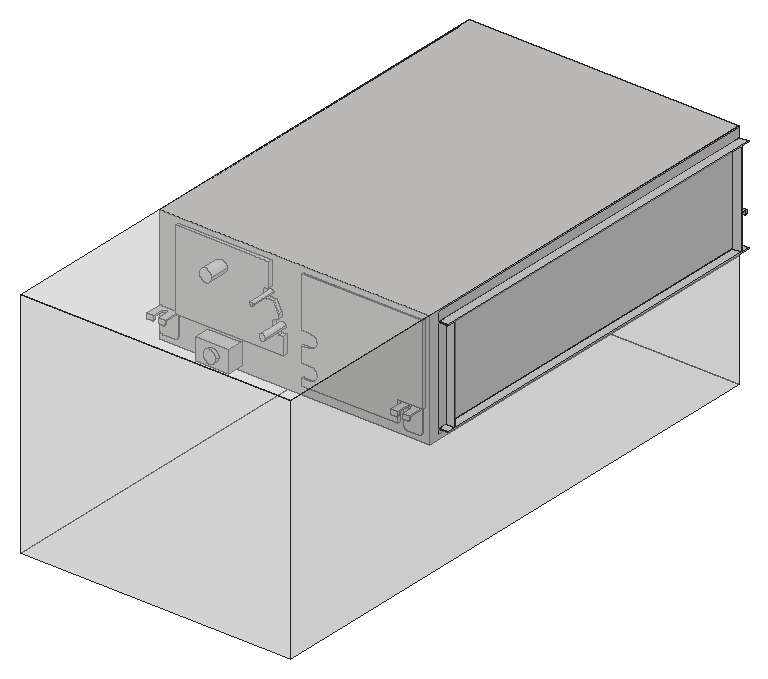
Revit family "outputfile", category 機械設備, Revit 2024
Family settings
  丸型コネクタ寸法 = 半径を使用
  パーツ タイプ = 標準
  OmniClass 番号 = 23.75.10.24.21.27.27
  OmniClass タイトル = Split System Air Conditioning Units
  作業面ベース = いいえ
  常に垂直 = はい
  ロード時にボイドで切り取り = いいえ
  注釈の向きを維持 = いいえ
  共有 = いいえ
  部屋計算ポイント = はい
Parameters (values of type "FXMQ63ARV1")
  製造元 = "Daikin"
  書き出し IFC クラス(タイプ) = "IfcUnitaryEquipmentType"
  定義済み IFC タイプ(タイプ) = "AIRCONDITIONINGUNIT"
  モデル = "FXMQ63ARV1"
  r_Liquid Pipe Size = Liquid Pipe Size / 2  # 4.75 mm
  r_Gas Pipe Size = Gas Pipe Size / 2  # 7.95 mm
  r_Drain Pipe Size = Drain Pipe Size / 2  # 16.0 mm
  lw_power = 396.0 mm  # constant formula
  lh_SA = 165.0 mm  # constant formula
  lw_SA = if(Depth = 550.0 mm, 210.0 mm, if(Depth = 700.0 mm, 285.0 mm, if(Depth = 1000.0 mm, 435.0 mm, 635.0 mm)))  # 435.0 mm
  lw_RA = if(Depth = 550.0 mm, 288.0 mm, if(Depth = 700.0 mm, 363.0 mm, if(Depth = 1000.0 mm, 513.0 mm, 713.0 mm)))  # 513.0 mm
  lh_power = 60.0 mm + [h***]  # 60.0 mm
  lh_mountinghole1 = lh_mountinghole + [h***]  # 80.0 mm
  lh_RA = 150.0 mm  # constant formula
  ld_power = Depth / 2  # 500.0 mm
  Voltage_comment_60Hz = "220-240"
  Voltage_comment_50Hz = "220-240"
  Voltage_60Hz = 220 V
  Voltage_50Hz = 220 V
  Supply Air Direction [instance] = yes
  Phase_60Hz = 1
  Phase_50Hz = 1
  Minimum Circuit Amps_60Hz = 1.3 A
  Minimum Circuit Amps_50Hz = 1.0 A
  Maximum Fuse Amps_60Hz = 15.0 A
  Maximum Fuse Amps_50Hz = 15.0 A
  Maximum External Static Pressure = 50.00 Pa
  Material_Casing = DAIKIN_GalvanizedSteel_Casing_indoorunit
  lw_mountinghole = 631.0 mm  # constant formula
  lh_gaspipe = 144.0 mm + [h***]  # 144.0 mm
  lh_mountinghole = 80.0 mm  # constant formula
  lh_liquidpipe = 212.0 mm + [h***]  # 212.0 mm
  lh_drainpipe = 232.0 mm + [h***]  # 232.0 mm
  lh_antena = Height - lh_mountinghole + 1.0 mm  # 221.0 mm
  ld_drainpipe = Depth / 2 + 59.0 mm  # 559.0 mm
  ld_liquidpipe = 565.0 mm
  ld_gaspipe = 565.0 mm
  ld_mountinghole = Depth + 38.0 mm  # 1038.0 mm
  h*** = 0.0 mm  # constant formula
  lw_liquidpipe = 290.0 mm  # constant formula
  lw_gaspipe = 318.0 mm  # constant formula
  lw_drainpipe = 167.0 mm  # constant formula
  Width = 700.0 mm
  Version = "ver.1.0"
  Unit Type = "Duct_M.S.P."
  Unit Mass Weight = 35.00 kg
  Unit Designation [instance] = ""
  Uniclass2015Version = "Products v1.30"
  Uniclass2015Title = "Variable refrigerant flow units"
  Uniclass2015Code = "Pr_70_65_03_94"
  Total Heating Capacity [instance] = 0.000 kW
  Total Cooling Capacity [instance] = 0.000 kW
  Sound Pressure Level_L speed (dBA) = 40
  Sound Pressure Level_H speed (dBA) = 42
  Series = "VRV Fan Coil Unit"
  Sensible Cooling Capacity [instance] = 0.000 kW
  SA Duct Size Width = if(Depth = 550.0 mm, 310.0 mm, if(Depth = 700.0 mm, 460.0 mm, if(Depth = 1000.0 mm, 760.0 mm, 1160.0 mm)))  # 760.0 mm
  SA Duct Size Height = 215.0 mm
  Refrigerant Type = "R410A"
  RA Duct Size Width = if(Depth = 550.0 mm, 475.0 mm, if(Depth = 700.0 mm, 625.0 mm, if(Depth = 1000.0 mm, 925.0 mm, 1325.0 mm)))  # 925.0 mm
  RA Duct Size Height = 247.0 mm
  Power Input (Heating) = 0.185 kW
  Power Input (Cooling) = 0.185 kW
  Option Accessory 3 [instance] = ""
  Option Accessory 2 [instance] = ""
  Option Accessory 1 [instance] = ""
  Nominal Heating Capacity = 7.100 kW
  Nominal Cooling Capacity = 7.100 kW
  Minimum Airflow = 1200.00 m³/h
  Median Airflow = 0.00 m³/h
  Maximum Airflow = 1440.00 m³/h
  Load Classification = HVAC
  Liquid Pipe Size = 9.5 mm
  Link_Nested Family [instance] = ""
  IfcVersion = ""
  IfcExportType = "AIRCONDITIONINGUNIT"
  IfcExportAs = "IfcUnitaryEquipmentType"
  Height = 300.0 mm
  Heating Entering Wet Bulb Temperature [instance] = 0.00 °C
  Heating Entering Dry Bulb Temperature [instance] = 0.00 °C
  Heating Ambient Wet Bulb Temperature [instance] = 0.00 °C
  Heating Ambient Dry Bulb Temperature [instance] = 0.00 °C
  Heat Exchanger Type = "Cross Fin Coil"
  Gas Pipe Size = 15.9 mm
  Frequency_60Hz = 60 Hz
  Frequency_50Hz = 50 Hz
  Fan Type = "Sirocco Fan"
  Fan Drive = "Direct Drive"
  FCU Tag No. [instance] = ""
  Drain Pipe Size = 32.0 mm
  Design Supply Airflow [instance] = 0.00 m³/h
  Design Return Airflow [instance] = 0.00 m³/h
  Design External Static Pressure [instance] = 0.00 Pa
  Depth = 1000.0 mm
  既定の高さ = 0.0 mm
  Cooling Entering Wet Bulb Temperature [instance] = 0.00 °C
  Cooling Entering Dry Bulb Temperature [instance] = 0.00 °C
  Cooling Ambient Wet Bulb Temperature [instance] = 0.00 °C
  Cooling Ambient Dry Bulb Temperature [instance] = 0.00 °C
  Clearance visibility [instance] = yes
  Clearance Top = 0.0 mm
  Clearance Right = 0.0 mm
  Clearance Rear = 0.0 mm
  Clearance Left = 0.0 mm
  Clearance Front = 450.0 mm
  Clearance Bottom = 300.0 mm
Reference planes
  plane 1 "Center (Front/Back)": y = 0
  plane 2 "h": z = 0
  plane 3 "Center (Left/Right)": x = 0
  plane 4 "Back": y = 500
  plane 5 "Front": y = -500
  plane 6 "Left": x = -350
  plane 7 "Reight": x = 350
  plane 8 "Top": z = 0
  plane 9 "Bottom": z = -300
  plane 10: y = -215
  plane 11: y = 500
  plane 12: y = -950
  plane 13: x = -350
  plane 14: x = 350
  plane 15: z = 0
  plane 16: z = -600
  plane 17: x = -350
  plane 18: z = -135
  plane 19: x = -349
  plane 20: x = 349
  plane 21: y = 65
  plane 22: y = 13
  plane 23: z = -150
  plane 24: y = -510.8
  plane 25: z = -14
  plane 26: z = -219
  plane 27: x = -60
  plane 28: x = -20
  plane 29: z = -156
  plane 30: x = -32
  plane 31: z = -88
  plane 32: x = 23
  plane 33: x = 335
  plane 34: z = -15.8
  plane 35: z = -274.8
  plane 36: z = -219.8
  plane 37: x = 271
  plane 38: x = -223.3
  plane 39: x = -138.3
  plane 40: z = -232.7
  plane 41: z = -288.5
  plane 42: y = -541
  plane 43: x = -181
  plane 44: z = -260
  plane 45: y = -549
  plane 46: z = -163.8
  plane 47: z = -239.8
  plane 48: x = 46
  plane 49: z = -88
  plane 50: x = -60
  plane 51: y = -565
  plane 52: z = -156
  plane 53: x = -32
  plane 54: y = -559
  plane 55: z = -68
  plane 56: x = -183
  plane 57: x = -183
  plane 58: x = -60
  plane 59: x = -32
  plane 60: x = 46
  plane 61: x = -323
  plane 62: x = 308
  plane 63: y = -519
  plane 64: y = 519
  plane 65: z = -220
  plane 66: y = -506
  plane 67: x = -298.5
  plane 68: x = -374
  plane 69: x = 374
Forms (mm)
  Extrusion 1, solid, material "DAIKIN_GalvanizedSteel_Casing_indoorunit" <- "Material_Casing"
    sketch origin (0, 0, 0) x (1, 0, 0) y (0, 1, 0)
      loop
        line (-349, 500) -> (-349, -500) -> (349, -500) -> (349, 500) -> (-349, 500)
    from -300 to 0
  Extrusion 2, solid, material "DAIKIN_GalvanizedSteel_Casing_indoorunit" <- "Material_Casing"
    sketch origin (0, 0, 0) x (1, 0, 0) y (0, 0, 1)
      loop
        line (-298.5, -219) -> (-20, -219) -> (-20, -173.5) -> (-32, -173.5)
        arc (-32, -173.5) -> (-49.471, -157.002) -> (-34, -138.615) r 17.5
        line (-34, -138.615) -> (-34, -127.5) -> (-47, -101) -> (-60, -101)
        arc (-60, -101) -> (-73, -88) -> (-60, -75) r 13
        line (-60, -75) -> (-60, -14) -> (-298.5, -14) -> (-298.5, -219)
    from 500 to 510.8
  Extrusion 3, solid, material "DAIKIN_GalvanizedSteel_Casing_indoorunit" <- "Material_Casing"
    sketch origin (0, 0, 0) x (1, 0, 0) y (0, 0, 1)
      loop
        line (23, -274.8) -> (271, -274.8) -> (271, -219.8) -> (335, -219.8) -> (335, -15.8) -> (23, -15.8) -> (23, -146.3) -> (46, -146.3)
        arc (46, -146.3) -> (63.5, -163.8) -> (46, -181.3) r 17.5
        line (46, -181.3) -> (23, -181.3) -> (23, -222.3) -> (46, -222.3)
        arc (46, -222.3) -> (63.5, -239.8) -> (46, -257.3) r 17.5
        line (46, -257.3) -> (23, -257.3) -> (23, -274.8)
    from 500 to 506
  Extrusion 4, solid, material "DAIKIN_GalvanizedSteel_Casing_indoorunit" <- "Material_Casing"
    sketch origin (0, 0, 0) x (1, 0, 0) y (0, 0, 1)
      loop
        line (-223.3, -232.7) -> (-223.3, -288.5) -> (-138.3, -288.5) -> (-138.3, -232.7) -> (-223.3, -232.7)
    from 500 to 541
  Extrusion 5, solid, material "DAIKIN_GalvanizedSteel_Casing_indoorunit" <- "Material_Casing"
    sketch origin (0, 0, 0) x (1, 0, 0) y (0, 0, 1)
      loop
        circle (-181, -260) r 16.5
    from 541 to 549
  Extrusion 6, solid
    sketch origin (0, 0, 0) x (1, 0, 0) y (0, 0, 1)
      loop
        circle (-60, -88) r 4.75
    from 500 to 565
  Extrusion 7, solid
    sketch origin (0, 0, 0) x (1, 0, 0) y (0, 0, 1)
      loop
        circle (-32, -156) r 7.95
    from 500 to 565
  Extrusion 8, solid
    sketch origin (0, 0, 0) x (1, 0, 0) y (0, 0, 1)
      loop
        circle (-183, -68) r 16
    from 510.8 to 559
Dimensions and locks
  "Height": plane 8 "Top" to plane 9 "Bottom"
  equal spacing: plane 4 "Back", plane 1 "Center (Front/Back)", plane 5 "Front"
  "Depth": plane 4 "Back" to plane 5 "Front"
  equal spacing: plane 6 "Left", plane 3 "Center (Left/Right)", plane 7 "Reight"
  "Width": plane 6 "Left" to plane 7 "Reight"
  "Clearance Left": plane 13 to plane 6 "Left"
  "Clearance Right": plane 7 "Reight" to plane 14
  "Clearance Rear": plane 11 to plane 4 "Back"
  "Clearance Front": plane 5 "Front" to plane 12
  "Clearance Top": plane 15 to plane 8 "Top"
  "Clearance Bottom": plane 9 "Bottom" to plane 16
  "lh_SA": plane 18 to plane 9 "Bottom"
  locked: plane 17 to plane 19 at 1
  "lw_SA": plane 4 "Back" to plane 21
  "lw_RA": plane 22 to plane 5 "Front"
  "lh_RA": plane 23 to plane 9 "Bottom"
  locked: plane 5 "Front" to plane 24 at 10.8
  plane 30 to plane 27 to plane 6 "Left" = 28.0 mm locked, 290.0 mm locked
  plane 33 to plane 32 to plane 6 "Left" = 312.0 mm locked, 373.0 mm locked
  locked: plane 33 to plane 37 at 64
  locked: plane 36 to plane 35 at 55
  plane 39 to plane 38 to plane 6 "Left" = 85.0 mm locked, 126.7 mm locked
  locked: plane 5 "Front" to plane 42 at 41
  locked: plane 43 to plane 6 "Left" at 169
  locked: plane 42 to plane 45 at 8
  plane 46 to plane 47 to plane 35 = 76.0 mm locked, 35.0 mm locked
  locked: plane 48 to plane 32 at 23
  "lw_liquidpipe": plane 50 to plane 6 "Left"
  "lh_liquidpipe": plane 49 to plane 9 "Bottom"
  "lh_gaspipe": plane 52 to plane 9 "Bottom"
  "lw_gaspipe": plane 53 to plane 6 "Left"
  "ld_gaspipe": plane 51 to plane 1 "Center (Front/Back)"
  "ld_drainpipe": plane 54 to plane 1 "Center (Front/Back)"
  "lh_drainpipe": plane 55 to plane 9 "Bottom"
  "lw_drainpipe": plane 56 to plane 6 "Left"
  "lw_drainpipe": plane 6 "Left" to plane 57
  "lw_liquidpipe": plane 6 "Left" to plane 58
  "lw_gaspipe": plane 6 "Left" to plane 59
  "lw_power": plane 6 "Left" to plane 60
  plane 17 to plane 61 = 27.0 mm
  "lw_mountinghole": plane 61 to plane 62
  equal spacing: plane 63, plane 1 "Center (Front/Back)", plane 64
  "ld_mountinghole": plane 64 to plane 63
  "lh_mountinghole": plane 65 to plane 9 "Bottom"
  plane 8 "Top" to plane 40 to plane 41 = 232.7 mm locked, 55.8 mm locked
  locked: plane 8 "Top" to plane 44 at 260
  plane 8 "Top" to plane 25 to plane 26 = 14.0 mm locked, 205.0 mm locked
  plane 8 "Top" to plane 31 to plane 29 = 88.0 mm locked, 68.0 mm locked
  plane 8 "Top" to plane 34 to plane 35 = 15.8 mm locked, 259.0 mm locked
  locked: plane 5 "Front" to plane 66 at 6
  locked: plane 68 to plane 6 "Left" at 24
  locked: plane 7 "Reight" to plane 69 at 24
  locked: plane 67 to plane 13 at 51.5
  locked: plane 28 to plane 30 at 12
  locked: Extrusion 2 sketch curve to plane 27 at 26
  plane 5 "Front" to plane 51 = 65.0 mm
  plane 5 "Front" to plane 54 = 59.0 mm
  locked: plane 20 to plane 7 "Reight" at 1
  "r_Liquid Pipe Size": radius of Extrusion 6 sketch curve
  "r_Gas Pipe Size": radius of Extrusion 7 sketch curve
  "r_Drain Pipe Size": radius of Extrusion 8 sketch curve
  aligned and locked: level to plane 2 "h"
  aligned and locked: plane 8 "Top" to Extrusion 1
  aligned and locked: Extrusion 1 to plane 9 "Bottom"
  aligned and locked: nested 5 to plane 12
  aligned and locked: plane 13 to nested 5
  aligned and locked: plane 14 to nested 5
  aligned and locked: nested 5 to plane 13
  aligned and locked: plane 11 to nested 5
  aligned and locked: plane 15 to nested 5
  aligned and locked: plane 16 to nested 5
  aligned and locked: plane 5 "Front" to Extrusion 1 sketch curve
  aligned and locked: Extrusion 1 to plane 19
  aligned and locked: plane 20 to Extrusion 1
  aligned and locked: nested 7 to plane 19
  aligned and locked: nested 7 to plane 21
  aligned and locked: plane 18 to nested 7
  aligned and locked: plane 20 to nested 8
  aligned and locked: plane 22 to nested 8
  aligned and locked: plane 23 to nested 8
  aligned and locked: Extrusion 2 to plane 24
  aligned and locked: plane 5 "Front" to Extrusion 2
  aligned and locked: plane 35 to Extrusion 3 sketch curve
  aligned and locked: plane 37 to Extrusion 3 sketch curve
  aligned and locked: plane 36 to Extrusion 3 sketch curve
  aligned and locked: Extrusion 3 sketch curve to plane 33
  aligned and locked: Extrusion 3 sketch curve to plane 34
  aligned and locked: Extrusion 3 sketch curve to plane 32
  aligned and locked: plane 5 "Front" to Extrusion 3
  aligned and locked: Extrusion 4 sketch curve to plane 40
  aligned and locked: Extrusion 4 sketch curve to plane 38
  aligned and locked: plane 41 to Extrusion 4 sketch curve
  aligned and locked: plane 39 to Extrusion 4 sketch curve
  aligned and locked: Extrusion 4 to plane 42
  aligned and locked: plane 5 "Front" to Extrusion 4
  aligned and locked: Extrusion 5 sketch curve to plane 43
  aligned and locked: plane 44 to Extrusion 5 sketch curve
  aligned and locked: Extrusion 5 to plane 45
  aligned and locked: plane 42 to Extrusion 5
  aligned and locked: Extrusion 6 sketch curve to plane 50
  aligned and locked: plane 49 to Extrusion 6 sketch curve
  aligned and locked: Extrusion 6 to plane 51
  aligned and locked: plane 5 "Front" to Extrusion 6
  aligned and locked: Extrusion 7 sketch curve to plane 53
  aligned and locked: plane 52 to Extrusion 7 sketch curve
  aligned and locked: Extrusion 7 to Extrusion 6
  aligned and locked: plane 5 "Front" to Extrusion 7
  aligned and locked: Extrusion 8 sketch curve to plane 56
  aligned and locked: Extrusion 8 sketch curve to plane 55
  aligned and locked: Extrusion 8 to plane 54
  aligned and locked: plane 24 to Extrusion 8
  aligned and locked: nested 3 to plane 54
  aligned and locked: plane 57 to nested 3
  aligned and locked: plane 58 to nested 2
  aligned and locked: nested 2 to plane 51
  aligned and locked: nested 1 to plane 59
  aligned and locked: Extrusion 7 to plane 51
  aligned and locked: nested 1 to plane 51
  aligned and locked: nested 6 to plane 5 "Front"
  aligned and locked: nested 6 to plane 60
  aligned and locked: plane 61 to nested 10
  aligned and locked: nested 10 to plane 5 "Front"
  aligned and locked: plane 62 to nested 9
  aligned and locked: nested 9 to plane 5 "Front"
  aligned and locked: nested 11 to plane 61
  aligned and locked: plane 4 "Back" to nested 11
  aligned and locked: nested 12 to plane 62
  aligned and locked: plane 4 "Back" to nested 12
  aligned and locked: plane 65 to nested 10
  aligned and locked: plane 65 to nested 11
  aligned and locked: plane 65 to nested 9
  aligned and locked: plane 65 to nested 12
  aligned and locked: plane 61 to nested 14
  aligned and locked: nested 14 to plane 64
  aligned and locked: plane 62 to nested 13
  aligned and locked: nested 13 to plane 64
  aligned and locked: plane 62 to nested 16
  aligned and locked: plane 63 to nested 16
  aligned and locked: plane 63 to nested 15
  aligned and locked: plane 61 to nested 15
  aligned and locked: Extrusion 3 to plane 66
  aligned and locked: plane 67 to Extrusion 2 sketch curve
  aligned and locked: nested 17 to plane 21
  aligned and locked: nested 17 to plane 68
  aligned and locked: plane 18 to nested 17
  aligned and locked: plane 22 to nested 18
  aligned and locked: plane 69 to nested 18
  aligned and locked: nested 18 to plane 23
  aligned and locked: nested 4 to plane 3 "Center (Left/Right)"
  aligned and locked: plane 1 "Center (Front/Back)" to nested 4
  aligned and locked: level to plane 8 "Top"
  aligned and locked: Extrusion 2 sketch curve to plane 28
  aligned and locked: Extrusion 2 sketch curve to plane 26
Automatic sketch dimensions
  plane 6 "Left" to Extrusion 1 sketch curve = 1.0 mm
  Extrusion 1 sketch curve to plane 7 "Reight" = 1.0 mm
  Extrusion 1 sketch curve to plane 4 "Back" = 0.0 mm
  Extrusion 3 sketch curve to plane 32 = 0.0 mm  (x2)
  Extrusion 3 sketch curve to plane 46 = 0.0 mm
  Extrusion 3 sketch curve to plane 48 = 0.0 mm  (x2)
  Extrusion 3 sketch curve to plane 47 = 0.0 mm
  Extrusion 3 sketch curve to plane 36 = 2.5 mm
  plane 23 to Extrusion 3 sketch curve = 3.7 mm
  Extrusion 2 sketch curve to plane 25 = 0.0 mm
  plane 27 to Extrusion 2 sketch curve = 0.0 mm
  Extrusion 2 sketch curve to plane 30 = 0.0 mm
  Extrusion 2 sketch curve to plane 29 = 0.0 mm
  Extrusion 2 sketch curve to plane 31 = 0.0 mm
  Extrusion 2 sketch curve to Extrusion 2 sketch curve = 13.0 mm
  Extrusion 2 sketch curve to plane 29 = 17.5 mm
  Extrusion 2 sketch curve to plane 31 = 13.0 mm
  plane 18 to Extrusion 2 sketch curve = 7.5 mm
  radius of Extrusion 5 sketch curve = 16.5 mm
Nested families
  nested 1: "daikin_connector_rotate2" at (-32, 0, -156), length <- "ld_gaspipe", built-in parameter 1001364 <- "lh_gaspipe", radius <- "r_Gas Pipe Size", type "daikin_connector_rotate2"
    with radius 7.95 mm, length 565.0 mm, angle_vertical 90.00°
  nested 2: "daikin_connector_rotate2" at (-60, 0, -88), length <- "ld_liquidpipe", built-in parameter 1001364 <- "lh_liquidpipe", radius <- "r_Liquid Pipe Size", type "daikin_connector_rotate2"
    with radius 4.75 mm, length 565.0 mm, angle_vertical 90.00°
  nested 3: "daikin_connector_rotate2" at (-183, 0, -68), length <- "ld_drainpipe", built-in parameter 1001364 <- "lh_drainpipe", radius <- "r_Drain Pipe Size", type "daikin_connector_rotate2"
    with radius 16.0 mm, length 559.0 mm, angle_vertical 90.00°
  nested 4: "daikin_△_symbolicline" at (0, 0, 300) x (0, -1, 0) z (0, 0, 1), built-in parameter 1001364 <- "Height", visible <- "Supply Air Direction", type "daikin_△_symbolicline"
    with length 200.0 mm
  nested 5: "daikin_clearancespace" at (0, -225, -299.881), visible <- "Clearance visibility", show <- "Clearance visibility", Link_Nested Family <- "Link_Nested Family", type "daikin_clearancespace"
    with width 700.0 mm, show yes, height 600.0 mm, depth 1450.0 mm, Link_Nested Family ""
  nested 6: "daikin_connector_rotate2" at (46, 0, -240), built-in parameter 1001364 <- "lh_power", length <- "ld_power", type "daikin_connector_rotate2"
    with radius 10.0 mm, length 500.0 mm, angle_vertical 90.00°
  nested 7: "daikin_ductflange_FXMQ-ARV1_2" at (-349, 65, -135) x (0, -1, 0) z (0, 0, 1), type "daikin_ductflange_FXMQ-ARV1_2"
    with width 760.0 mm, w 1000.0 mm
  nested 8: "daikin_ductflange_FXMQ-ARV1_1" at (349, 13, -150) x (0, 1, 0) z (0, 0, 1), type "daikin_ductflange_FXMQ-ARV1_1"
    with width 925.0 mm, w 1000.0 mm
  nested 9: "daikin_hangerfixture_FXMQ-ARV1" at (308, -500, -220), type "daikin_hangerfixture_FXMQ-ARV1"
  nested 10: "daikin_hangerfixture_FXMQ-ARV1" at (-323, -500, -220), type "daikin_hangerfixture_FXMQ-ARV1"
  nested 11: "daikin_hangerfixture_FXMQ-ARV1" at (-323, 500, -220) x (-1, 0, 0) z (0, 0, 1), type "daikin_hangerfixture_FXMQ-ARV1"
  nested 12: "daikin_hangerfixture_FXMQ-ARV1" at (308, 500, -220) x (-1, 0, 0) z (0, 0, 1), type "daikin_hangerfixture_FXMQ-ARV1"
  nested 13: "daikin_mountinghole" at (308, 519, -300), h_mountinghole <- "lh_mountinghole1", l_antenna <- "lh_antena", Link_Nested Family <- "Link_Nested Family", type "daikin_mountinghole"
    with show yes, l_antenna 221.0 mm, h_mountinghole 80.0 mm, Link_Nested Family ""
  nested 14: "daikin_mountinghole" at (-323, 519, -300), h_mountinghole <- "lh_mountinghole1", l_antenna <- "lh_antena", Link_Nested Family <- "Link_Nested Family", type "daikin_mountinghole"
    with show yes, l_antenna 221.0 mm, h_mountinghole 80.0 mm, Link_Nested Family ""
  nested 15: "daikin_mountinghole" at (-323, -519, -300), h_mountinghole <- "lh_mountinghole1", l_antenna <- "lh_antena", Link_Nested Family <- "Link_Nested Family", type "daikin_mountinghole"
    with show yes, l_antenna 221.0 mm, h_mountinghole 80.0 mm, Link_Nested Family ""
  nested 16: "daikin_mountinghole" at (308, -519, -300), h_mountinghole <- "lh_mountinghole1", l_antenna <- "lh_antena", Link_Nested Family <- "Link_Nested Family", type "daikin_mountinghole"
    with show yes, l_antenna 221.0 mm, h_mountinghole 80.0 mm, Link_Nested Family ""
  nested 17: "daikin_connector_rotate2" at (-350, 65, -135) x (0, -1, 0) z (0, 0, 1), type "daikin_connector_rotate2"
    with radius 10.0 mm, length 24.0 mm, angle_vertical 90.00°
  nested 18: "daikin_connector_rotate2" at (350, 13, -150) x (0, 1, 0) z (0, 0, 1), type "daikin_connector_rotate2"
    with radius 10.0 mm, length 24.0 mm, angle_vertical 90.00°
Connectors
  piping at (-183, -559, -68), diameter 32, driven by "r_Drain Pipe Size"
    settings: on nested 3, index 3, connector inside diameter 609.6 mm, connector length 0.0 mm, flow factor 0, pipe flow 0.00 m³/h, pressure drop 0.0 Pa, fitting loss kfactor 0, connector angle 0.00°, fixture units 0, engagement length 0.0 mm, angle of deflection 0.00°, flow configuration 1, flow direction 2, fitting loss method 4, system type 16, joint type 0, gender type 0, connector reference index -1, connector utility 0, adjustable connector no, is connector primary yes, connector description "Condensate Drain Piping"
  piping at (-32, -565, -156), diameter 15.9, driven by "r_Gas Pipe Size"
    settings: on nested 1, index 4, connector inside diameter 609.6 mm, connector length 0.0 mm, flow factor 0, pipe flow 0.00 m³/h, pressure drop 0.0 Pa, fitting loss kfactor 0, connector angle 0.00°, fixture units 0, engagement length 0.0 mm, angle of deflection 0.00°, flow configuration 1, flow direction 2, fitting loss method 0, system type 29, joint type 0, gender type 0, connector reference index -1, connector utility 0, adjustable connector no, is connector primary no, connector description "Refrigerant Gas Piping"
  piping at (-60, -565, -88), diameter 9.5, driven by "r_Liquid Pipe Size"
    settings: on nested 2, index 5, connector inside diameter 609.6 mm, connector length 0.0 mm, flow factor 0, pipe flow 0.00 m³/h, pressure drop 0.0 Pa, fitting loss kfactor 0, connector angle 0.00°, fixture units 0, engagement length 0.0 mm, angle of deflection 0.00°, flow configuration 1, flow direction 1, fitting loss method 0, system type 29, joint type 0, gender type 0, connector reference index -1, connector utility 0, adjustable connector no, is connector primary no, connector description "Refrigerant Liquid Piping"
  electrical at (46, -500, -240), driven by "Load Classification"
    settings: on nested 6, index 6, voltage 0 V, apparent load 0 VA, apparent load phase1 0 VA, apparent load phase2 0 VA, apparent load phase3 0 VA, power factor 1, load classification "HVAC", number of poles 1, system type 30, power factor state 1, is connector primary yes, connector utility no, sub classification motor no, connector description "Power Supply"
  hvac at (-374, 65, -135), driven by "SA Duct Size Height", driven by "SA Duct Size Width"
    settings: on nested 17, index 7, duct flow 0.00 m³/h, flow factor 0, pres drop 0.00 Pa, loss coef 0, conn angle 0.00°, conn width 760.0 mm, conn height 215.0 mm, conn diameter 609.6 mm, duct sys type 1, conn prof type 1, flow config 0, flow direction 2, loss method 4, conn ref index -1, conn util no, is conn primary yes, conn desc "SA Duct"
  hvac at (374, 13, -150), driven by "RA Duct Size Height", driven by "RA Duct Size Width"
    settings: on nested 18, index 8, duct flow 0.00 m³/h, flow factor 0, pres drop 0.00 Pa, loss coef 0, conn angle 0.00°, conn width 925.0 mm, conn height 247.0 mm, conn diameter 609.6 mm, duct sys type 2, conn prof type 1, flow config 0, flow direction 1, loss method 4, conn ref index -1, conn util no, is conn primary no, conn desc "RA Duct"
Definition of nested family "daikin_clearancespace"
  Parameters (values of type "daikin_clearancespace")
    Description = "daikin_clearancespace"
    width [instance] = 1823.963 mm
    show [instance] = yes
    material = none
    height [instance] = 1359.762 mm
    depth [instance] = 880.0 mm
    Default Elevation = 0.0 mm
    Link_Nested Family [instance] = ""
  Reference planes
    plane 1 "Center (Front/Back)": y = 0
    plane 2 "Center (Elevation)": z = -0.119
    plane 3 "Center (Left/Right)": x = 0
    plane 4: y = 440
    plane 5: y = -440
    plane 6 "Right": x = 911.982
    plane 7 "Left": x = -911.982
    plane 8 "Top": z = 679.762
    plane 9 "Bottom": z = -680
  Forms (mm)
    Extrusion 1, solid, material <- "material", visible <- "show"
      sketch origin (0, 0, 0) x (1, 0, 0) y (0, 1, 0)
        loop
          line (-911.982, 440) -> (-911.982, -440) -> (911.982, -440) -> (911.982, 440) -> (-911.982, 440)
      from -680 to 679.762
  Lines and regions (mm)
    symbolic lines, visible <- "show"
      curve 1: line (911.982, 440, 0) -> (-911.982, 440, 0)
      curve 2: line (-911.982, 440, 0) -> (-911.982, -440, 0)
      curve 3: line (-911.982, -440, 0) -> (911.982, -440, 0)
      curve 4: line (911.982, -440, 0) -> (911.982, 440, 0)
      curve 5: line (911.982, 0, 679.762) -> (-911.982, 0, 679.762)
      curve 6: line (911.982, 0, -680) -> (911.982, 0, 679.762)
      curve 7: line (-911.982, 0, -680) -> (911.982, 0, -680)
      curve 8: line (-911.982, 0, 679.762) -> (-911.982, 0, -680)
      curve 9: line (0, 440, 679.762) -> (0, -440, 679.762)
      curve 10: line (0, -440, 679.762) -> (0, -440, -680)
      curve 11: line (0, 440, -680) -> (0, 440, 679.762)
      curve 12: line (0, -440, -680) -> (0, 440, -680)
  Dimensions and locks
    "width": plane 7 "Left" to plane 6 "Right"
    "depth": plane 4 to plane 5
    "height": plane 8 "Top" to plane 9 "Bottom"
    equal spacing: plane 7 "Left", plane 3 "Center (Left/Right)", plane 6 "Right"
    equal spacing: plane 4, plane 1 "Center (Front/Back)", plane 5
    equal spacing: plane 8 "Top", plane 2 "Center (Elevation)", plane 9 "Bottom"
    aligned and locked: level to plane 2 "Center (Elevation)"
    aligned and locked: Extrusion 1 sketch curve to plane 4
    aligned and locked: plane 7 "Left" to Extrusion 1 sketch curve
    aligned and locked: Extrusion 1 sketch curve to plane 5
    aligned and locked: Extrusion 1 sketch curve to plane 6 "Right"
    aligned and locked: plane 8 "Top" to Extrusion 1
    aligned and locked: curve 1 to Extrusion 1
    aligned and locked: curve 2 to Extrusion 1
    aligned and locked: curve 3 to Extrusion 1
    aligned and locked: curve 4 to Extrusion 1
    aligned and locked: curve 5 to Extrusion 1
    aligned and locked: curve 6 to Extrusion 1
    aligned and locked: curve 7 to Extrusion 1
    aligned and locked: curve 8 to Extrusion 1
    aligned and locked: curve 9 to Extrusion 1
    aligned and locked: curve 10 to Extrusion 1
    aligned and locked: curve 11 to Extrusion 1
    aligned and locked: curve 12 to Extrusion 1
    aligned and locked: Extrusion 1 to plane 9 "Bottom"
Definition of nested family "daikin_ductflange_FXMQ-ARV1_2"
  Parameters (values of type "daikin_ductflange_FXDSQ-AVM2")
    width = if(w = 550.0 mm, 310.0 mm, if(w = 700.0 mm, 460.0 mm, if(w = 1000.0 mm, 760.0 mm, 1160.0 mm)))  # 310.0 mm
    material = none
    height = 215.0 mm
    depth = 1.0 mm
    w = 550.0 mm
    Default Elevation = 0.0 mm
  Reference planes
    plane 1 "Center (Front/Back)": y = 0
    plane 2: z = 0
    plane 3 "Center (Left/Right)": x = 0
    plane 4: z = 107.5
    plane 5: z = -107.5
    plane 6: y = -25
    plane 7: z = 132.5
    plane 8: z = 108.5
    plane 9: y = -1
    plane 10: x = -177.5
    plane 11: x = 177.5
    plane 12: z = -132.5
    plane 13: z = -108.5
    plane 14: y = -1
    plane 15: x = 155
    plane 16: x = -155
    plane 17: x = 156
    plane 18: z = 106.5
    plane 19: z = -106.5
    plane 20: x = -156
    plane 21: z = 106.5
    plane 22: z = -106.5
    plane 23: y = -1
  Forms (mm)
    Extrusion 1, solid, material <- "material"
      sketch origin (0, 0, 0) x (0, 1, 0) y (0, 0, 1)
        loop
          line (-25, 107.5) -> (0, 107.5) -> (0, 132.5) -> (-1, 132.5) -> (-1, 108.5) -> (-25, 108.5) -> (-25, 107.5)
      from -177.5 to 177.5
    Extrusion 2, solid, material <- "material"
      sketch origin (0, 0, 0) x (0, 1, 0) y (0, 0, 1)
        loop
          line (-25, -107.5) -> (-25, -108.5) -> (-1, -108.5) -> (-1, -132.5) -> (0, -132.5) -> (0, -107.5) -> (-25, -107.5)
      from -177.5 to 177.5
    Extrusion 3, solid, material <- "material"
      sketch origin (0, 0, 0) x (1, 0, 0) y (0, 0, 1)
        loop
          line (155, 107.5) -> (155, -107.5) -> (177.5, -107.5) -> (177.5, -106.5) -> (156, -106.5) -> (156, 106.5) -> (177.5, 106.5) -> (177.5, 107.5) -> (155, 107.5)
      from 0 to 25
    Extrusion 4, solid, material <- "material"
      sketch origin (0, 0, 0) x (1, 0, 0) y (0, 0, 1)
        loop
          line (-177.5, 107.5) -> (-177.5, 106.5) -> (-156, 106.5) -> (-156, -106.5) -> (-177.5, -106.5) -> (-177.5, -107.5) -> (-155, -107.5) -> (-155, 107.5) -> (-177.5, 107.5)
      from 0 to 25
    Extrusion 5, solid, material <- "material"
      sketch origin (0, 0, 0) x (1, 0, 0) y (0, 0, 1)
        loop
          line (-177.5, 107.5) -> (-177.5, -107.5) -> (-155, -107.5) -> (-155, 107.5) -> (-177.5, 107.5)
        loop
          line (177.5, 107.5) -> (155, 107.5) -> (155, -107.5) -> (177.5, -107.5) -> (177.5, 107.5)
      from 0 to 1
  Cuts and joins
    joined: Extrusion 1, Extrusion 2, Extrusion 3, Extrusion 4, Extrusion 5
  Dimensions and locks
    plane 4 to level to plane 5 = 107.5 mm locked, 107.5 mm locked
    locked: plane 6 to plane 1 "Center (Front/Back)" at 25
    locked: plane 9 to plane 1 "Center (Front/Back)" at 1
    locked: plane 8 to plane 4 at 1
    locked: plane 11 to plane 15 at 22.5
    locked: plane 16 to plane 10 at 22.5
    locked: plane 17 to plane 15 at 1
    locked: plane 4 to plane 18 at 1
    locked: plane 19 to plane 5 at 1
    "width": plane 15 to plane 16
    plane 4 to plane 5 = 215.0 mm
    equal spacing: plane 15, plane 3 "Center (Left/Right)", plane 16
    locked: plane 16 to plane 20 at 1
    locked: plane 4 to plane 21 at 1
    locked: plane 22 to plane 5 at 1
    locked: plane 23 to plane 1 "Center (Front/Back)" at 1
    aligned and locked: level to plane 2
    aligned and locked: Extrusion 1 to plane 10
    aligned and locked: plane 11 to Extrusion 1
    aligned and locked: plane 5 to Extrusion 2
    aligned and locked: Extrusion 2 to plane 1 "Center (Front/Back)"
    aligned and locked: plane 15 to Extrusion 3 sketch curve
    aligned and locked: Extrusion 3 sketch curve to Extrusion 2  (x2)
    aligned and locked: Extrusion 3 sketch curve to plane 11
    aligned and locked: plane 6 to Extrusion 3
    aligned and locked: Extrusion 2 to plane 10
    aligned and locked: plane 11 to Extrusion 2
    aligned and locked: Extrusion 4 sketch curve to Extrusion 1  (x2)
    aligned and locked: plane 5 to Extrusion 4 sketch curve
    aligned and locked: Extrusion 4 sketch curve to plane 16
    aligned and locked: Extrusion 4 sketch curve to plane 22
    aligned and locked: plane 20 to Extrusion 4 sketch curve
    aligned and locked: plane 21 to Extrusion 4 sketch curve
    aligned and locked: Extrusion 4 to plane 1 "Center (Front/Back)"
    aligned and locked: plane 6 to Extrusion 4
    aligned and locked: Extrusion 5 sketch curve to Extrusion 1  (x4)
    aligned and locked: Extrusion 5 sketch curve to Extrusion 4  (x2)
    aligned and locked: Extrusion 5 sketch curve to Extrusion 3  (x2)
    aligned and locked: Extrusion 5 to plane 1 "Center (Front/Back)"
    aligned and locked: plane 23 to Extrusion 5
  Automatic sketch dimensions
    Extrusion 1 sketch curve to plane 6 = 0.0 mm
    Extrusion 1 sketch curve to plane 7 = 0.0 mm
    Extrusion 1 sketch curve to plane 9 = 0.0 mm
    Extrusion 1 sketch curve to plane 1 "Center (Front/Back)" = 0.0 mm
    Extrusion 1 sketch curve to plane 4 = 0.0 mm
    Extrusion 1 sketch curve to plane 8 = 0.0 mm
    Extrusion 2 sketch curve to plane 6 = 0.0 mm
    plane 12 to Extrusion 2 sketch curve = 0.0 mm
    Extrusion 2 sketch curve to plane 14 = 0.0 mm
    Extrusion 2 sketch curve to plane 1 "Center (Front/Back)" = 0.0 mm
    plane 13 to Extrusion 2 sketch curve = 0.0 mm
    Extrusion 2 sketch curve to plane 5 = 0.0 mm
    Extrusion 3 sketch curve to plane 17 = 0.0 mm
    Extrusion 3 sketch curve to plane 19 = 0.0 mm
    Extrusion 3 sketch curve to plane 18 = 0.0 mm
    Extrusion 3 sketch curve to plane 4 = 0.0 mm
    Extrusion 4 sketch curve to plane 10 = 0.0 mm
Definition of nested family "daikin_ductflange_FXMQ-ARV1_1"
  Parameters (values of type "daikin_ductflange_FXDSQ-AVM")
    width = if(w = 550.0 mm, 475.0 mm, if(w = 700.0 mm, 625.0 mm, if(w = 1000.0 mm, 925.0 mm, 1325.0 mm)))  # 475.0 mm
    material = none
    height = 247.0 mm
    depth = 1.0 mm
    w = 550.0 mm
    Default Elevation = 0.0 mm
  Reference planes
    plane 1 "Center (Front/Back)": y = 0
    plane 2: z = 0
    plane 3 "Center (Left/Right)": x = 0
    plane 4: z = 123.5
    plane 5: z = -123.5
    plane 6: y = -25
    plane 7: z = 146.5
    plane 8: z = 124.5
    plane 9: y = -1
    plane 10: x = -260
    plane 11: x = 260
    plane 12: z = -137
    plane 13: z = -124.5
    plane 14: y = -1
    plane 15: x = 237.5
    plane 16: x = -237.5
    plane 17: x = 238.5
    plane 18: z = 122.5
    plane 19: z = -122.5
    plane 20: x = -238.5
    plane 21: z = 122.5
    plane 22: z = -122.5
    plane 23: y = -1
  Forms (mm)
    Extrusion 1, solid, material <- "material"
      sketch origin (0, 0, 0) x (0, 1, 0) y (0, 0, 1)
        loop
          line (-25, 123.5) -> (0, 123.5) -> (0, 146.5) -> (-1, 146.5) -> (-1, 124.5) -> (-25, 124.5) -> (-25, 123.5)
      from -260 to 260
    Extrusion 2, solid, material <- "material"
      sketch origin (0, 0, 0) x (0, 1, 0) y (0, 0, 1)
        loop
          line (-25, -123.5) -> (-25, -124.5) -> (-1, -124.5) -> (-1, -137) -> (0, -137) -> (0, -123.5) -> (-25, -123.5)
      from -260 to 260
    Extrusion 3, solid, material <- "material"
      sketch origin (0, 0, 0) x (1, 0, 0) y (0, 0, 1)
        loop
          line (237.5, 123.5) -> (237.5, -123.5) -> (260, -123.5) -> (260, -122.5) -> (238.5, -122.5) -> (238.5, 122.5) -> (260, 122.5) -> (260, 123.5) -> (237.5, 123.5)
      from 0 to 25
    Extrusion 4, solid, material <- "material"
      sketch origin (0, 0, 0) x (1, 0, 0) y (0, 0, 1)
        loop
          line (-260, 123.5) -> (-260, 122.5) -> (-238.5, 122.5) -> (-238.5, -122.5) -> (-260, -122.5) -> (-260, -123.5) -> (-237.5, -123.5) -> (-237.5, 123.5) -> (-260, 123.5)
      from 0 to 25
    Extrusion 5, solid, material <- "material"
      sketch origin (0, 0, 0) x (1, 0, 0) y (0, 0, 1)
        loop
          line (-260, 123.5) -> (-260, -123.5) -> (-237.5, -123.5) -> (-237.5, 123.5) -> (-260, 123.5)
        loop
          line (260, 123.5) -> (237.5, 123.5) -> (237.5, -123.5) -> (260, -123.5) -> (260, 123.5)
      from 0 to 1
  Cuts and joins
    joined: Extrusion 1, Extrusion 2, Extrusion 3, Extrusion 4, Extrusion 5
  Dimensions and locks
    plane 4 to level to plane 5 = 123.5 mm, 123.5 mm
    locked: plane 6 to plane 1 "Center (Front/Back)" at 25
    locked: plane 9 to plane 1 "Center (Front/Back)" at 1
    locked: plane 8 to plane 4 at 1
    locked: plane 11 to plane 15 at 22.5
    locked: plane 16 to plane 10 at 22.5
    locked: plane 17 to plane 15 at 1
    locked: plane 4 to plane 18 at 1
    locked: plane 19 to plane 5 at 1
    "width": plane 15 to plane 16
    equal spacing: plane 15, plane 3 "Center (Left/Right)", plane 16
    locked: plane 16 to plane 20 at 1
    locked: plane 4 to plane 21 at 1
    locked: plane 22 to plane 5 at 1
    locked: plane 23 to plane 1 "Center (Front/Back)" at 1
    equal spacing: plane 4, level, plane 5
    locked: plane 7 to plane 4 at 23
    locked: plane 5 to plane 12 at 13.5
    locked: plane 1 "Center (Front/Back)" to plane 14 at 1
    locked: plane 5 to plane 13 at 1
    locked: plane 4 to plane 5 at 247
    aligned and locked: level to plane 2
    aligned and locked: Extrusion 1 to plane 10
    aligned and locked: plane 11 to Extrusion 1
    aligned and locked: plane 5 to Extrusion 2
    aligned and locked: Extrusion 2 to plane 1 "Center (Front/Back)"
    aligned and locked: plane 15 to Extrusion 3 sketch curve
    aligned and locked: Extrusion 3 sketch curve to Extrusion 2  (x2)
    aligned and locked: Extrusion 3 sketch curve to plane 11
    aligned and locked: plane 6 to Extrusion 3
    aligned and locked: Extrusion 2 to plane 10
    aligned and locked: plane 11 to Extrusion 2
    aligned and locked: Extrusion 4 sketch curve to Extrusion 1  (x2)
    aligned and locked: plane 5 to Extrusion 4 sketch curve
    aligned and locked: Extrusion 4 sketch curve to plane 16
    aligned and locked: Extrusion 4 sketch curve to plane 22
    aligned and locked: plane 20 to Extrusion 4 sketch curve
    aligned and locked: plane 21 to Extrusion 4 sketch curve
    aligned and locked: Extrusion 4 to plane 1 "Center (Front/Back)"
    aligned and locked: plane 6 to Extrusion 4
    aligned and locked: Extrusion 5 sketch curve to Extrusion 1  (x4)
    aligned and locked: Extrusion 5 sketch curve to Extrusion 4  (x2)
    aligned and locked: Extrusion 5 sketch curve to Extrusion 3  (x2)
    aligned and locked: Extrusion 5 to plane 1 "Center (Front/Back)"
    aligned and locked: plane 23 to Extrusion 5
  Automatic sketch dimensions
    Extrusion 1 sketch curve to plane 6 = 0.0 mm
    Extrusion 1 sketch curve to plane 7 = 0.0 mm
    Extrusion 1 sketch curve to plane 9 = 0.0 mm
    Extrusion 1 sketch curve to plane 1 "Center (Front/Back)" = 0.0 mm
    Extrusion 1 sketch curve to plane 4 = 0.0 mm
    Extrusion 1 sketch curve to plane 8 = 0.0 mm
    Extrusion 2 sketch curve to plane 6 = 0.0 mm
    plane 12 to Extrusion 2 sketch curve = 0.0 mm
    Extrusion 2 sketch curve to plane 14 = 0.0 mm
    Extrusion 2 sketch curve to plane 1 "Center (Front/Back)" = 0.0 mm
    plane 13 to Extrusion 2 sketch curve = 0.0 mm
    Extrusion 2 sketch curve to plane 5 = 0.0 mm
    Extrusion 3 sketch curve to plane 17 = 0.0 mm
    Extrusion 3 sketch curve to plane 19 = 0.0 mm
    Extrusion 3 sketch curve to plane 18 = 0.0 mm
    Extrusion 3 sketch curve to plane 4 = 0.0 mm
    Extrusion 4 sketch curve to plane 10 = 0.0 mm
Definition of nested family "daikin_hangerfixture_FXMQ-ARV1"
  Parameters (values of type "daikin_hangerfixture_FXMQ-PAVE")
    width = 48.0 mm
    material = none
    height = 65.0 mm
    depth = 45.0 mm
    Default Elevation = 0.0 mm
  Reference planes
    plane 1 "Center (Front/Back)": y = 0
    plane 2: z = 0
    plane 3 "Center (Left/Right)": x = 0
    plane 4: y = 417.146
    plane 5: y = -45
    plane 6: x = -24
    plane 7: x = 24
    plane 8: z = -2.3
    plane 9: z = -65
    plane 10: y = -2.3
    plane 11: z = -12
    plane 12: y = -42.7
  Forms (mm)
    Extrusion 1, solid, material <- "material"
      sketch origin (0, 0, 0) x (1, 0, 0) y (0, 1, 0)
        loop
          line (24, 0) -> (-24, 0) -> (-24, -45) -> (-6, -45) -> (-6, -19)
          arc (-6, -19) -> (0, -13) -> (6, -19) r 6
          line (6, -19) -> (6, -45) -> (24, -45) -> (24, 0)
      from 0 to -2.3
    Extrusion 2, solid, material <- "material"
      sketch origin (0, 0, 0) x (1, 0, 0) y (0, 0, 1)
        loop
          line (24, -55) -> (24, 0) -> (-24, 0) -> (-24, -55)
          arc (-24, -55) -> (-21.071, -62.071) -> (-14, -65) r 10
          line (-14, -65) -> (14, -65)
          arc (14, -65) -> (21.071, -62.071) -> (24, -55) r 10
      from 0 to 2.3
    Extrusion 3, solid, material <- "material"
      sketch origin (0, 0, 0) x (1, 0, 0) y (0, 0, 1)
        loop
          line (-6, -9) -> (-6, 0) -> (-24, 0) -> (-24, -9)
          arc (-24, -9) -> (-23.121, -11.121) -> (-21, -12) r 3
          line (-21, -12) -> (-9, -12)
          arc (-9, -12) -> (-6.879, -11.121) -> (-6, -9) r 3
        loop
          line (6, 0) -> (6, -9)
          arc (6, -9) -> (6.879, -11.121) -> (9, -12) r 3
          line (9, -12) -> (21, -12)
          arc (21, -12) -> (23.121, -11.121) -> (24, -9) r 3
          line (24, -9) -> (24, 0) -> (6, 0)
      from 42.7 to 45
  Cuts and joins
    joined: Extrusion 1, Extrusion 2, Extrusion 3
  Dimensions and locks
    "width": plane 6 to plane 7
    "depth": plane 5 to plane 1 "Center (Front/Back)"
    plane 2 to plane 8 = 2.3 mm
    "height": plane 2 to plane 9
    locked: plane 10 to plane 1 "Center (Front/Back)" at 2.3
    locked: plane 2 to plane 11 at 12
    locked: plane 12 to plane 5 at 2.3
    aligned and locked: level to plane 2
    aligned and locked: Extrusion 1 sketch curve to plane 1 "Center (Front/Back)"
    aligned and locked: plane 7 to Extrusion 1
    aligned and locked: Extrusion 1 to plane 6
    aligned and locked: Extrusion 1 to plane 5  (x2)
    aligned and locked: Extrusion 1 to plane 8
    aligned and locked: plane 2 to Extrusion 1
    aligned and locked: plane 2 to Extrusion 2 sketch curve
    aligned and locked: Extrusion 2 to plane 9
    aligned and locked: Extrusion 2 to plane 10
    aligned and locked: Extrusion 2 to plane 1 "Center (Front/Back)"
    aligned and locked: plane 2 to Extrusion 3 sketch curve  (x2)
    aligned and locked: Extrusion 3 to plane 11  (x2)
    aligned and locked: plane 12 to Extrusion 3
    aligned and locked: Extrusion 3 to plane 5
  Automatic sketch dimensions
    Extrusion 1 sketch curve to plane 6 = 0.0 mm
    Extrusion 1 sketch curve to plane 5 = 0.0 mm  (x2)
    Extrusion 1 sketch curve to plane 3 "Center (Left/Right)" = 0.0 mm
    Extrusion 1 sketch curve to plane 7 = 0.0 mm
    Extrusion 1 sketch curve to plane 3 "Center (Left/Right)" = 6.0 mm
    plane 1 "Center (Front/Back)" to Extrusion 1 sketch curve = 19.0 mm
    Extrusion 2 sketch curve to plane 7 = 0.0 mm
    Extrusion 2 sketch curve to plane 7 = 10.0 mm
    Extrusion 2 sketch curve to plane 8 = 52.7 mm
    plane 6 to Extrusion 2 sketch curve = 10.0 mm
    Extrusion 2 sketch curve to plane 6 = 0.0 mm
    Extrusion 3 sketch curve to plane 6 = 0.0 mm
    Extrusion 3 sketch curve to plane 7 = 0.0 mm
    Extrusion 3 sketch curve to Extrusion 3 sketch curve = 3.0 mm  (x2)
    Extrusion 3 sketch curve to plane 8 = 6.7 mm
    Extrusion 3 sketch curve to plane 3 "Center (Left/Right)" = 9.0 mm
    Extrusion 3 sketch curve to plane 3 "Center (Left/Right)" = 6.0 mm
    plane 3 "Center (Left/Right)" to Extrusion 3 sketch curve = 6.0 mm
    Extrusion 3 sketch curve to plane 7 = 3.0 mm
    Extrusion 3 sketch curve to plane 8 = 9.7 mm
Definition of nested family "daikin_connector_rotate2"
  Parameters (values of type "daikin_connector_rotate2")
    Default Elevation = 1219.2 mm
    show_face = no
    radius [instance] = 10.0 mm
    length [instance] = 600.0 mm
    d_surface = 10.0 mm
    angle_vertical [instance] = 90.00°
  Reference planes
    plane 1 "Center (Front/Back)": y = 0
    plane 2: z = 0
    plane 3 "Center (Left/Right)": x = 0
  Forms (mm)
    Extrusion 1, solid, visible <- "show_face"
      sketch origin (0, -600, 0) x (1, 0, 0) y (0, 0, 1)
        loop
          circle (0, 0) r 10
      from 0 to -10
  Lines and regions (mm)
    reference lines
      curve 1: line (0, 0, 0) -> (0, -600, 0)
    symbolic lines
      curve 2: circle (0, 0, 0) r 5 normal (0, 0, 1)
    model lines, visible <- "show_face"
      curve 3: line (0, 0, 0) -> (0, -600, 0)
  Dimensions and locks
    "length": curve 1 to curve 1
    "length": curve 3 to curve 3
    "d_surface": Extrusion 1 to Extrusion 1
    "radius": radius of Extrusion 1 sketch curve
    "angle_vertical": angle curve 1 to plane 1 "Center (Front/Back)"
    "angle_vertical": angle curve 3 to plane 1 "Center (Front/Back)"
    aligned and locked: level to plane 2
    aligned and locked: plane 1 "Center (Front/Back)" to curve 1
    aligned and locked: plane 2 to curve 1
    aligned and locked: plane 1 "Center (Front/Back)" to curve 2
    aligned and locked: plane 3 "Center (Left/Right)" to curve 2
    aligned and locked: plane 1 "Center (Front/Back)" to curve 3
    aligned and locked: plane 2 to curve 3
    aligned and locked: Extrusion 1 to Extrusion 1
  Automatic sketch dimensions
    Extrusion 1 sketch curve to level = 0.0 mm
    Extrusion 1 sketch curve to plane 3 "Center (Left/Right)" = 0.0 mm
    radius of curve 2 = 5.0 mm
Definition of nested family "daikin_△_symbolicline"
  Parameters (values of type "daikin_△_symbolicline")
    length [instance] = 200.0 mm
    Default Elevation = 0.0 mm
  Reference planes
    plane 1 "Center (Front/Back)": y = 0
    plane 2: z = 0
    plane 3 "Center (Left/Right)": x = 0
  Lines and regions (mm)
    symbolic lines
      curve 1: line (0, -173.205, 0) -> (100, 0, 0)
      curve 2: line (100, 0, 0) -> (-100, 0, 0)
      curve 3: line (-100, 0, 0) -> (0, -173.205, 0)
  Dimensions and locks
    equal spacing: curve 3, plane 3 "Center (Left/Right)", curve 2
    "length": curve 3 to curve 2
    "length": curve 3 to curve 3
    "length": curve 1 to curve 1
    aligned and locked: level to plane 2
    aligned and locked: curve 2 to plane 1 "Center (Front/Back)"
    aligned and locked: plane 3 "Center (Left/Right)" to curve 3
Definition of nested family "daikin_mountinghole"
  Parameters (values of type "daikin_mountinghole")
    Default Elevation = 1219.2 mm
    Type Comments = "mountinghole"
    show [instance] = yes
    material = none
    l_centerline = 100.0 mm
    l_antenna [instance] = 100.0 mm
    h_mountinghole [instance] = 0.0 mm
    d_circle = 30.0 mm
    Link_Nested Family [instance] = ""
  Reference planes
    plane 1 "Center (Front/Back)": y = 0
    plane 2: z = 0
    plane 3 "Center (Left/Right)": x = 0
    plane 4: y = 50
    plane 5: x = -50
    plane 6: x = 50
    plane 7: y = -50
    plane 8 "h_mountinghole": z = 0
    plane 9: z = 100
  Lines and regions (mm)
    model lines, detail levels fine
      curve 1: circle (0, 0, 0) r 15 normal (0, 0, 1)
      curve 2: line (-50, 0, 0) -> (50, 0, 0)
      curve 3: line (0, 50, 0) -> (0, -50, 0)
    symbolic lines, detail levels fine
      curve 4: circle (0, 0, 0) r 15 normal (0, 0, 1)
      curve 5: line (-50, 0, 0) -> (50, 0, 0)
      curve 6: line (0, 50, 0) -> (0, -50, 0)
    model lines
      curve 7: line (0, 0, 100) -> (0, 0, 0)
  Dimensions and locks
    equal spacing: plane 4, plane 1 "Center (Front/Back)", plane 7
    "l_centerline": plane 4 to plane 7
    equal spacing: plane 5, plane 3 "Center (Left/Right)", plane 6
    "l_centerline": plane 5 to plane 6
    "l_antenna": plane 9 to plane 8 "h_mountinghole"
    "h_mountinghole": plane 8 "h_mountinghole" to plane 2
    "d_circle": diameter of curve 1
    "d_circle": diameter of curve 4
    aligned and locked: level to plane 2
    aligned and locked: plane 1 "Center (Front/Back)" to curve 1
    aligned and locked: plane 3 "Center (Left/Right)" to curve 1
    aligned and locked: plane 1 "Center (Front/Back)" to curve 2
    aligned and locked: curve 3 to plane 3 "Center (Left/Right)"
    aligned and locked: plane 6 to curve 2
    aligned and locked: plane 5 to curve 2
    aligned and locked: plane 4 to curve 3
    aligned and locked: plane 7 to curve 3
    aligned and locked: plane 1 "Center (Front/Back)" to curve 4
    aligned and locked: plane 3 "Center (Left/Right)" to curve 4
    aligned and locked: plane 6 to curve 5
    aligned and locked: plane 5 to curve 5
    aligned and locked: plane 1 "Center (Front/Back)" to curve 5
    aligned and locked: plane 4 to curve 6
    aligned and locked: plane 7 to curve 6
    aligned and locked: curve 6 to plane 3 "Center (Left/Right)"
    aligned and locked: curve 7 to plane 3 "Center (Left/Right)"
    aligned and locked: plane 9 to curve 7
    aligned and locked: plane 8 "h_mountinghole" to curve 7
